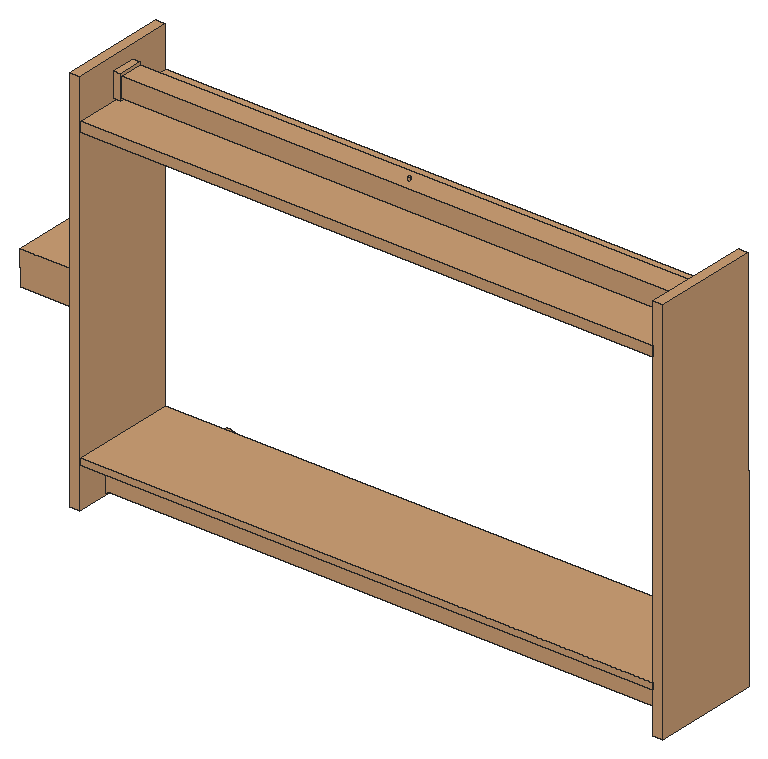
Revit family
Parameters
  Center of Unit = 0' - 0"  # constant formula
  Total Heating Capacity [instance] = 0.0 Btu/h
  Series = "VIFB"
  Outlet Area = 49.10 SF
  Lower Frame Thickness = if(Headers Height = 0' 3", 0' 1 1/4", if(Headers Height = 0' 3 1/4", 0' 1 1/4", 0' 0"))  # 0' - 1 1/4"
  Water Pressure Drop [instance] = 0.00 psi
  Water Flow [instance] = 0 GPM
  Unit Weight (lbs) = 1459
  URL = "http://www.ljwing.com/"
  Water Outlet Radius = 0' - 1 1/2"
  Headers Height = if(M = 0' 1", 0' 3", if(M = 0' 1 1/2", 0' 3 1/4", 0' 0"))  # 0' - 3 1/4"
  Number of Rows = 2  # constant formula
  Number of Coils [instance] = 0
  Nominal Length = 10' - 1 29/32"
  N = 1' - 0 3/4"
  Model = "VD-11W"
  Manufacturer = "LJ Wing"
  M = 0' - 1 1/2"
  Leaving Water Temperature [instance] = 0 °F
  Leaving Air Temperature [instance] = 0 °F
  Entering Water Temperature [instance] = 0 °F
  Entering Air Temperature [instance] = 0 °F
  Description = "Vertical Integral Face & Bypass Water Heating Coils"
  Hot Water Inlet  Radius = 0' - 1 1/2"
  Coil Face Area = Outlet Area * 0.56  # 27.496 SF
  Casing Material = ""
  Assembly Code = "D3020300"
  Air Vent Radius = 0' - 0 1/4"
  Air Pressure Drop [instance] = 0.00 in-wg
  Air Inlet Width = Nominal Length - 0' 4"  # 9' - 9 29/32"
  Air Inlet Height = Y  # 5' - 0"
  Air Flow [instance] = 0 CFM
  Y = 5' - 0"
  S = 0' - 9 3/4"  # constant formula
  Product URL = "http://www.ljwing.com/html/vifb.asp"
  OmniClass = "23-75 70 21 14 "
  Nominal Height = 6' - 8"
  Nominal Depth = 1' - 10"
  R = 0' - 10 1/4"  # constant formula
  Q = 0' - 3 61/64"
Reference planes (in)
  plane 1 "Center (Front/Back)": y = 0
  plane 2: z = -30
  plane 3 "Center (Left/Right)": x = 0
  plane 4: z = 40.25
  plane 5: x = -60.95312
  plane 6: x = 60.95313
  plane 7: z = -39.75
  plane 8: z = 0
  plane 9: y = -11
  plane 10: y = 11
  plane 11: z = 30
  plane 12: z = 32
  plane 13: z = -31.25
  plane 14: x = 58.95313
  plane 15: x = -58.95313
  plane 16: x = -57
  plane 17: x = 57
  plane 18: y = 14.0625
  plane 19: x = -71.95313
  plane 20: z = 37.125
  plane 21: z = 33.125
  plane 22: y = -2.5
  plane 23: y = 2.5
  plane 24: y = -4.5
  plane 25: z = -37.375
  plane 26: x = -48.20312
  plane 27: x = 48.20313
  plane 28: z = -33.375
Forms (in)
  Extrusion 1, solid, material "Painted Finish"
    sketch origin (0, 6, -9.75) x (1, 0, 0) y (0, 0, 1)
      loop
        line (-60.95312, -30) -> (-58.95313, -30) -> (-58.95313, 50) -> (-60.95312, 50) -> (-60.95312, -30)
      loop
        line (60.95313, -30) -> (60.95313, 50) -> (58.95313, 50) -> (58.95313, -30) -> (60.95313, -30)
    from -5 to 17
  Extrusion 2, solid, material "Painted Finish"
    sketch origin (0, 6, 0) x (1, 0, 0) y (0, 0, 1)
      loop
        line (58.95313, -30) -> (-58.95313, -30) -> (-58.95313, -31.25) -> (58.95313, -31.25) -> (58.95313, -30)
      loop
        line (58.95313, 30) -> (58.95313, 32) -> (-58.95313, 32) -> (-58.95313, 30) -> (58.95313, 30)
    from -5 to 17
  Extrusion 3, solid, material "Painted Finish"
    sketch origin (0, 10, -0.5) x (1, 0, 0) y (0, 0, 1)
      loop
        line (-60.95312, 4) -> (-71.95313, 4) -> (-71.95313, -3) -> (-60.95312, -3) -> (-60.95312, 4)
    from 0 to 20
  Extrusion 4, solid, material "Painted Finish"
    sketch origin (0, 6, 0) x (1, 0, 0) y (0, 0, 1)
      loop
        line (-57.32813, 37.125) -> (-57.32813, 33.125) -> (57.32813, 33.125) -> (57.32813, 37.125) -> (-57.32813, 37.125)
    from 3.5 to 8.5
  Extrusion 5, solid, material "Painted Finish"
    sketch origin (0, 0, 0) x (1, 0, 0) y (0, 0, 1)
      loop
        line (-57.32813, 32.625) -> (-57.32813, 37.625) -> (-58.95313, 37.625) -> (-58.95313, 32.625) -> (-57.32813, 32.625)
      loop
        line (58.95313, 32.625) -> (58.95313, 37.625) -> (57.32813, 37.625) -> (57.32813, 32.625) -> (58.95313, 32.625)
    from -2.5 to 2.5
  Extrusion 6, solid, material "Painted Finish"
    sketch origin (0, 6, 0) x (1, 0, 0) y (0, 0, 1)
      loop
        line (-58.45312, -31.75) -> (-58.45312, -31.5) -> (-58.95313, -31.5) -> (-58.95313, -35.25) -> (-58.45312, -35.25) -> (-58.45312, -35) -> (58.45313, -35) -> (58.45313, -35.25) -> (58.95313, -35.25) -> (58.95313, -31.5) -> (58.45313, -31.5) -> (58.45313, -31.75) -> (-58.45312, -31.75)
      loop
        line (58.45313, -39) -> (58.45313, -39.125) -> (58.95313, -39.125) -> (58.95313, -35.5) -> (58.45313, -35.5) -> (58.45313, -35.75) -> (-58.45312, -35.75) -> (-58.45312, -35.5) -> (-58.95313, -35.5) -> (-58.95313, -39.25) -> (-58.45313, -39.25) -> (-58.45313, -39) -> (58.45313, -39)
    from -5 to 10.5
  Extrusion 7, void
    sketch origin (0, 0, 0) x (1, 0, 0) y (0, 0, 1)
      loop
        line (-58.95313, 30) -> (-58.95313, -30) -> (58.95313, -30) -> (58.95313, 30) -> (-58.95313, 30)
    from -11 to 11
  Extrusion 8, solid, material "Painted Finish"
    sketch origin (0, 0, 0) x (1, 0, 0) y (0, 0, 1)
      loop
        circle (48.20313, -37.375) r 1.5
      loop
        circle (-48.20312, -33.375) r 1.5
    from -14.0625 to -11
  Extrusion 9, solid, material "Painted Finish"
    sketch origin (0, 0, 0) x (1, 0, 0) y (0, 1, 0)
      loop
        circle (0, 0) r 0.25
    from 37.125 to 37.625
Cuts and joins
  Extrusion 7 cuts Extrusion 1
  Extrusion 7 cuts Extrusion 2
Dimensions and locks (in)
  "Nominal Length": plane 6 to plane 5
  equal spacing: plane 6, plane 3 "Center (Left/Right)", plane 5
  "S": plane 2 to plane 7
  "Nominal Depth": plane 10 to plane 9
  equal spacing: plane 10, plane 1 "Center (Front/Back)", plane 9
  "Y": plane 11 to plane 2
  "R": plane 4 to plane 11
  locked: plane 12 to plane 11 at 2
  "Lower Frame Thickness": plane 2 to plane 13
  "Q": plane 16 to plane 5
  "Q": plane 6 to plane 17
  locked: plane 18 to plane 10 at 3.0625
  locked: plane 5 to plane 19 at 11
  locked: Extrusion 3 sketch curve to Extrusion 3 sketch curve at 7
  locked: Extrusion 3 to Extrusion 3 at 20
  locked: plane 6 to plane 14 at 2
  locked: plane 15 to plane 5 at 2
  locked: Extrusion 5 sketch curve to plane 20 at 0.5
  locked: plane 21 to Extrusion 5 sketch curve at 0.5
  locked: plane 20 to plane 21 at 4
  locked: plane 23 to plane 22 at 5
  equal spacing: plane 23, plane 1 "Center (Front/Back)", plane 22
  locked: plane 22 to plane 24 at 2
  plane 4 to plane 7 = 6' - 8"
  locked: Extrusion 5 sketch curve to Extrusion 1 at 1.625
  locked: Extrusion 5 sketch curve to Extrusion 5 sketch curve at 1.625
  locked: Extrusion 7 sketch curve to plane 11 at 0
  locked: Extrusion 7 sketch curve to plane 15 at 0
  locked: Extrusion 7 sketch curve to plane 14 at 0
  locked: plane 15 to Extrusion 6 sketch curve at 0.5
  locked: Extrusion 6 sketch curve to Extrusion 6 sketch curve at 0.25  (x2)
  locked: plane 25 to plane 7 at 2.375
  "N": plane 26 to plane 5
  "N": plane 6 to plane 27
  locked: plane 28 to plane 7 at 6.375
  "Headers Height": Extrusion 6 sketch curve to Extrusion 6 sketch curve  (x2)
  locked: Extrusion 8 sketch curve to plane 25 at 0
  locked: Extrusion 8 sketch curve to plane 28 at 0
  locked: Extrusion 9 sketch curve to plane 1 "Center (Front/Back)" at 0
  locked: Extrusion 9 sketch curve to plane 3 "Center (Left/Right)" at 0
  equal spacing: Extrusion 6 sketch curve, plane 28, Extrusion 6 sketch curve
  equal spacing: Extrusion 6 sketch curve, plane 25, Extrusion 6 sketch curve
  locked: plane 4 to plane 20 at 3.125
  locked: Extrusion 7 sketch curve to plane 2 at 0
  equal spacing: plane 11, plane 8, plane 2
  locked: Extrusion 8 sketch curve to plane 27 at 0
  locked: Extrusion 8 sketch curve to plane 26 at 0
  "M": radius of Extrusion 8 sketch curve  (x2)
  "Air Vent Radius": radius of Extrusion 9 sketch curve
  aligned and locked: Extrusion 1 to plane 9
  aligned and locked: Extrusion 1 to plane 10
  aligned and locked: Extrusion 1 to plane 15
  aligned and locked: Extrusion 1 to plane 14
  aligned and locked: Extrusion 2 to plane 9
  aligned and locked: plane 9 to Extrusion 1
  aligned and locked: plane 10 to Extrusion 1  (x2)
  aligned and locked: Extrusion 2 to plane 10
  aligned and locked: plane 10 to Extrusion 2  (x2)
  aligned and locked: plane 9 to Extrusion 2  (x2)
  aligned and locked: plane 5 to Extrusion 3
  aligned and locked: Extrusion 5 sketch curve to plane 15
  aligned and locked: Extrusion 5 sketch curve to Extrusion 4
  aligned and locked: Extrusion 1 to Extrusion 6
  aligned and locked: plane 22 to Extrusion 5
  aligned and locked: Extrusion 5 to Extrusion 4  (x2)
  aligned and locked: Extrusion 5 to plane 23
  aligned and locked: Extrusion 6 to plane 24
  aligned and locked: Extrusion 4 to Extrusion 5  (x2)
  aligned and locked: Extrusion 5 to Extrusion 1  (x2)
  aligned and locked: Extrusion 1 to Extrusion 7  (x2)
  aligned and locked: plane 18 to Extrusion 8
  aligned and locked: Extrusion 8 to plane 10
  aligned and locked: plane 20 to Extrusion 9
  aligned and locked: Extrusion 9 to Extrusion 5
  aligned and locked: plane 2 to cut or joined group of Extrusion 2, Extrusion 7
  aligned and locked: Extrusion 1 sketch curve to plane 6
  aligned and locked: Extrusion 1 sketch curve to plane 14
  aligned and locked: Extrusion 1 sketch curve to plane 15
  aligned and locked: Extrusion 1 sketch curve to plane 5
  aligned and locked: Extrusion 1 sketch curve to plane 4  (x2)
  aligned and locked: plane 7 to Extrusion 1 sketch curve
  aligned and locked: Extrusion 1 sketch curve to plane 7
  aligned and locked: Extrusion 2 sketch curve to plane 11
  aligned and locked: Extrusion 2 sketch curve to plane 12
  aligned and locked: plane 2 to Extrusion 2 sketch curve
  aligned and locked: Extrusion 2 sketch curve to plane 13
  aligned and locked: Extrusion 2 sketch curve to plane 14  (x2)
  aligned and locked: Extrusion 2 sketch curve to plane 15  (x2)
  aligned and locked: plane 20 to Extrusion 4 sketch curve
  aligned and locked: Extrusion 4 sketch curve to plane 21
  aligned and locked: plane 14 to Extrusion 6 sketch curve
  aligned and locked: Extrusion 6 sketch curve to plane 14
  aligned and locked: Extrusion 6 sketch curve to plane 15  (x2)
Automatic sketch dimensions
  Extrusion 3 sketch curve to plane 19 = 0' - 0"
  Extrusion 3 sketch curve to plane 5 = 0' - 0"
  plane 8 to Extrusion 3 sketch curve = 0' - 3 1/2"
  Extrusion 4 sketch curve to plane 16 = 0' - 0 21/64"
  plane 17 to Extrusion 4 sketch curve = 0' - 0 21/64"
  plane 21 to Extrusion 5 sketch curve = 0' - 0 1/2"
  Extrusion 5 sketch curve to plane 20 = 0' - 0 1/2"
  plane 15 to Extrusion 6 sketch curve = 0' - 0 1/2"  (x2)
  Extrusion 6 sketch curve to Extrusion 6 sketch curve = 0' - 0 1/4"  (x5)
  Extrusion 6 sketch curve to Extrusion 6 sketch curve = 0' - 0"  (x2)
  Extrusion 6 sketch curve to plane 14 = 0' - 0 1/2"  (x2)
  Extrusion 6 sketch curve to Extrusion 6 sketch curve = 0' - 0 1/2"
  Extrusion 6 sketch curve to plane 7 = 0' - 0 5/8"
Connectors (in)
  hvac at (0, -11, 0), driven by "Air Inlet Height", driven by "Air Inlet Width", driven by "Air Flow", driven by "Air Pressure Drop"
    settings: on Extrusion 7, index 1
  hvac at (0, 11, 0), driven by "Air Pressure Drop", driven by "Air Inlet Height", driven by "Air Inlet Width", driven by "Air Flow"
    settings: on Extrusion 7, index 2
  piping at (-48.20312, 14.0625, -33.375), driven by "M", driven by "Water Flow", driven by "Water Pressure Drop"
    settings: on Extrusion 8, index 4
  piping at (48.20313, 14.0625, -37.375), driven by "Water Pressure Drop", driven by "Water Flow", driven by "M"
    settings: on Extrusion 8, index 5
